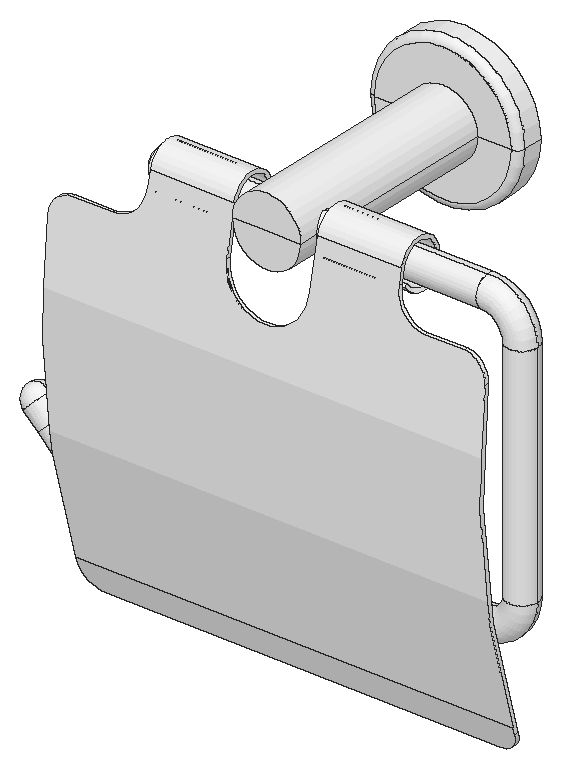
Revit family "Reece_Accessory_Mizu_Drift_Toilet Roll Holder_Loop_With Cover", category Plumbing Fixtures, Revit 2018
Family settings
  Round Connector Dimension = Use Diameter
  Part Type = Normal
  Work Plane-Based = Yes
  Always vertical = Yes
  Cut with Voids When Loaded = Yes
  Shared = Yes
  Room Calculation Point = Yes
Parameters (values of type "Chrome")
  URL = "https://www.reece.com.au/product/-2202094"
  Type Comments = "Accessory"
  Reece_Product_Web Page = "https://www.reece.com.au/product/-2202094"
  Reece_Product_Type = "Accessory"
  Reece_Product_Sub Brand = "Drift"
  Reece_Product_Number = "2202094"
  Reece_Product_Mount = "Wall Mounted"
  Reece_Product_Description = "Mizu Drift Loop Toilet Roll Holder with Cover Chrome"
  Reece_Product_Brand = "Mizu"
  Reece_Overall_Length = 135 mm
  Reece_Overall_Height = 102 mm  # constant formula
  Reece_Material_Main = Reece_Brass_Chrome
  Reece_Detail_Shape = "Loop"
  Reece_Detail_Installation = ""
  Reece_Detail_Disclaimer = "THIS FILE IS THE PROPERTY OF THE REECE GROUP. IT MAY NOT BE REPRODUCED, REVERSE-ENGINEERED OR MODIFIED. ANY REPUBLICATION, TRANSMISSION OR DISTRIBUTION FOR THE PURPOSE OF COMMERCIALLY EXPLOITING THE FILES IS PROHIBITED."  # constant formula
  Reece_Detail_Connector = ""
  Reece_Detail_Additional = "With Cover"
  Reece_Backplate Radius = 20 mm  # constant formula
  Reece_Accessory_Projection = 65 mm  # constant formula
  Model = "Drift"
  Manufacturer = "Mizu"
  Keynote = "Product #2202094, Reece_Accessory_Mizu_Drift_Toilet Roll Holder_Loop_With Cover - Chrome"
  Disclaimer = "THIS FILE IS THE PROPERTY OF THE REECE GROUP. IT MAY NOT BE REPRODUCED, REVERSE-ENGINEERED OR MODIFIED. ANY REPUBLICATION, TRANSMISSION OR DISTRIBUTION FOR THE PURPOSE OF COMMERCIALLY EXPLOITING THE FILES IS PROHIBITED."  # constant formula
  Description = "Toilet Roll Holder"
  Default Elevation = 1000 mm
Reference planes
  plane 1 "Center (Front/Back)": y = 0
  plane 2 "Bottom Host Plane": z = 0
  plane 3 "Center (Left/Right)": x = 0
  plane 4: z = -82
  plane 5: x = 63.991
  plane 6: x = -71.009
Forms (mm)
  Revolve 1, solid, material "Reece_Brass_Chrome" <- "Reece_Material_Main"
    sketch origin (-497.5, 0, 0) x (-1, 0, 0) y (0, -1, 0)
      loop
        line (-497.5, 0) -> (-477.5, 0) -> (-477.5, 5)
        arc (-477.5, 5) -> (-478.086, 6.414) -> (-479.5, 7) r 2
        line (-479.5, 7) -> (-488.5, 7) -> (-488.5, 65) -> (-497.5, 65) -> (-497.5, 0)
      axis (-497.5, 0) -> (-497.5, 65)
    angle from 0 to 360
  Sweep 2, solid, material "Reece_Brass_Chrome" <- "Reece_Material_Main"
    path origin (0, -56, 0) x (1, 0, 0) y (0, 0, 1)
      loop
        line (-27.121, 0) -> (51, 0)
        arc (51, 0) -> (57.364, -2.636) -> (60, -9) r 9
        line (60, -9) -> (60, -69)
        arc (60, -69) -> (57.364, -75.364) -> (51, -78) r 9
        line (51, -78) -> (-52, -78)
        arc (-52, -78) -> (-55.827, -77.239) -> (-59.071, -75.071) r 10
        line (-59.071, -75.071) -> (-63.057, -71.085)
    profile origin (11.94, -56, 0) x (0, 0, 1) y (0, -1, 0)
      loop
        circle (0, 0) r 4
  Revolve 3, solid, material "Reece_Brass_Chrome" <- "Reece_Material_Main"
    sketch origin (0, -56, 0) x (-1, 0, 0) y (0, 0, -1)
      loop
        arc (64.214, 64.271) -> (67.042, 63.1) -> (69.87, 64.272) r 4
        line (69.87, 64.272) -> (63.057, 71.085) -> (60.228, 68.257) -> (64.214, 64.271)
      axis (69.87, 64.272) -> (63.057, 71.085)
    angle from 0 to 360
  Revolve 4, solid, material "Reece_Brass_Chrome" <- "Reece_Material_Main"
    sketch origin (0, -56, 0) x (-1, 0, 0) y (0, 0, -1)
      loop
        line (35, -4) -> (36, -3) -> (36, 0) -> (27.121, 0) -> (27.121, -4) -> (35, -4)
      axis (36, 0) -> (27.121, 0)
    angle from 0 to 360
  Extrusion 5, solid, material "Reece_Brass_Chrome" <- "Reece_Material_Main"
    sketch origin (0, 0, 0) x (0, 1, 0) y (0, 0, 1)
      loop
        line (-55.912, -100.963) -> (-53.147, -108.557) -> (-52.207, -108.215) -> (-54.972, -100.621)
        arc (-54.972, -100.621) -> (-65.451, -50.098) -> (-61.082, 1.315) r 179
        arc (-61.082, 1.315) -> (-50.719, 1.125) -> (-60.251, -2.947) r 5.3
        line (-60.251, -2.947) -> (-61.068, -3.524)
        arc (-61.068, -3.524) -> (-49.738, 1.317) -> (-62.056, 1.543) r 6.3
        arc (-62.056, 1.543) -> (-66.449, -50.157) -> (-55.912, -100.963) r 180
    from -66.284 to 70.217
  Extrusion 6, void
    sketch origin (0, -65, 0) x (-1, 0, 0) y (0, 0, -1)
      loop
        arc (51.5, 10.203) -> (55.743, 11.96) -> (57.5, 16.203) r 6
        line (57.5, 16.203) -> (57.5, 102.757)
        arc (57.5, 102.757) -> (55.801, 106.858) -> (51.7, 108.557) r 5.8
        line (51.7, 108.557) -> (-51.7, 108.557)
        arc (-51.7, 108.557) -> (-55.801, 106.858) -> (-57.5, 102.757) r 5.8
        line (-57.5, 102.757) -> (-57.5, 16.203)
        arc (-57.5, 16.203) -> (-55.743, 11.96) -> (-51.5, 10.203) r 6
        line (-51.5, 10.203) -> (-41, 10.203)
        arc (-41, 10.203) -> (-35.343, 7.86) -> (-33, 2.203) r 8
        line (-33, 2.203) -> (-33, -20.993) -> (-11, -20.993) -> (-11, 10.648)
        arc (-11, 10.648) -> (0, 21.648) -> (11, 10.648) r 11
        line (11, 10.648) -> (11, -22.327) -> (33, -22.327) -> (33, 2.203)
        arc (33, 2.203) -> (35.343, 7.86) -> (41, 10.203) r 8
        line (41, 10.203) -> (51.5, 10.203)
      loop
        line (76.966, -27.899) -> (76.966, 117.697) -> (-79.098, 117.697) -> (-79.098, -27.899) -> (76.966, -27.899)
    from -33.915 to 250
Cuts and joins
  joined: Revolve 1, Sweep 2, Revolve 3, Revolve 4
  Extrusion 6 cuts Extrusion 5
Text (mm)
  text "Reece ©" at (2726.345, -2609.327, 2681.14), in view "Reece Preview"
  text "Reece ©" at (-126.38, 63.165, -1020.679), in view "Ref. Level"
Dimensions and locks
  "Reece_Backplate Radius": Revolve 1 sketch curve to Revolve 1 sketch curve
  Revolve 1 sketch curve to plane 1 "Center (Front/Back)" = 65 mm
  plane 4 to cut or joined group of Revolve 1, Sweep 2, Revolve 3, Revolve 4 = 102 mm
  "Reece_Accessory_Projection": cut or joined group of Revolve 1, Sweep 2, Revolve 3, Revolve 4 to plane 1 "Center (Front/Back)"
  "Reece_Overall_Length": plane 6 to plane 5
  plane 6 to plane 5 = 135 mm
  aligned and locked: Revolve 1 sketch curve to Revolve 1 sketch curve
Automatic sketch dimensions
  Sweep 2 sketch curve to level = 0 mm
  plane 4 to Sweep 2 sketch curve = 6.929 mm
  Sweep 2 sketch curve to Sweep 2 sketch curve = 7.071 mm
  plane 5 to Sweep 2 sketch curve = 12.991 mm  (x2)
  plane 5 to Sweep 2 sketch curve = 3.991 mm
  plane 4 to Sweep 2 sketch curve = 4 mm
  Sweep 2 sketch curve to Sweep 2 sketch curve = 0 mm
  Sweep 2 sketch curve to Sweep 2 sketch curve = 3.986 mm  (x2)
  Sweep 2 sketch curve to plane 3 "Center (Left/Right)" = 27.121 mm
  profile plane to Sweep 2 sketch curve = 0 mm
  Sweep 2 sketch curve to profile plane = 0 mm
  Revolve 3 sketch curve to Revolve 3 sketch curve = 2.828 mm  (x3)
  Revolve 3 sketch curve to Revolve 3 sketch curve = 3.986 mm
  plane 4 to Revolve 3 sketch curve = 17.729 mm
  plane 4 to Revolve 3 sketch curve = 9.375 mm
  Revolve 3 sketch curve to Revolve 3 sketch curve = 1.54 mm
  Revolve 3 sketch curve to Revolve 3 sketch curve = 1.989 mm
  Revolve 3 sketch curve to Revolve 3 sketch curve = 1.99 mm
  Revolve 4 sketch curve to level = 0 mm  (x2)
  Revolve 4 sketch curve to plane 3 "Center (Left/Right)" = 27.121 mm
  level to Revolve 4 sketch curve = 4 mm
  Revolve 4 sketch curve to Revolve 4 sketch curve = 7.879 mm
  Revolve 4 sketch curve to Revolve 4 sketch curve = 1 mm  (x3)
  Revolve 4 sketch curve to Revolve 4 sketch curve = 0 mm
  plane 6 to Sweep 2 sketch curve = 19.009 mm
  plane 6 to Revolve 3 sketch curve = 10.78 mm
  Extrusion 5 sketch curve to Extrusion 5 sketch curve = 0 mm  (x4)
  Extrusion 5 sketch curve to level = 3.524 mm
  plane 1 "Center (Front/Back)" to Extrusion 5 sketch curve = 61.068 mm
  Extrusion 5 sketch curve to level = 2.947 mm
  Extrusion 5 sketch curve to Extrusion 5 sketch curve = 0.817 mm
  level to Extrusion 5 sketch curve = 0.11 mm
  Extrusion 5 sketch curve to Extrusion 5 sketch curve = 4.33 mm
  plane 1 "Center (Front/Back)" to Extrusion 5 sketch curve = 55.912 mm
  Extrusion 5 sketch curve to plane 4 = 18.621 mm
  Extrusion 5 sketch curve to Extrusion 5 sketch curve = 0.94 mm  (x2)
  Extrusion 5 sketch curve to level = 39.387 mm
  Extrusion 5 sketch curve to Extrusion 5 sketch curve = 2.765 mm
  Extrusion 5 sketch curve to Extrusion 5 sketch curve = 0.342 mm
  Revolve 1 to Extrusion 6 sketch curve = 27.899 mm
  Extrusion 6 sketch curve to Extrusion 6 sketch curve = 21.598 mm
  Extrusion 6 sketch curve to Extrusion 6 sketch curve = 5.8 mm
  Extrusion 6 sketch curve to Extrusion 6 sketch curve = 10.5 mm  (x2)
  Extrusion 6 sketch curve to Revolve 1 = 2.203 mm  (x2)
  Extrusion 6 sketch curve to Extrusion 6 sketch curve = 8 mm  (x2)
  Extrusion 6 sketch curve to Extrusion 6 sketch curve = 22 mm  (x2)
  Extrusion 6 sketch curve to Extrusion 6 sketch curve = 11 mm
  Extrusion 6 sketch curve to Extrusion 6 sketch curve = 0.2 mm
  Extrusion 6 sketch curve to Extrusion 6 sketch curve = 6 mm  (x2)
  Extrusion 6 sketch curve to Extrusion 6 sketch curve = 19.466 mm
  Revolve 1 to Extrusion 6 sketch curve = 22.327 mm
  Revolve 1 to Extrusion 6 sketch curve = 20.993 mm
  Extrusion 6 sketch curve to Revolve 1 = 10.648 mm
  Extrusion 6 sketch curve to Extrusion 6 sketch curve = 86.554 mm
  Extrusion 6 sketch curve to Revolve 1 = 117.697 mm
  plane 1 "Center (Front/Back)" to Revolve 1 sketch curve = 0 mm  (x2)
  Revolve 1 sketch curve to plane 3 "Center (Left/Right)" = 0 mm
  Revolve 1 sketch curve to plane 3 "Center (Left/Right)" = 9 mm
  Revolve 1 sketch curve to Revolve 1 sketch curve = 2 mm
  Revolve 1 sketch curve to Revolve 1 sketch curve = 5 mm
  Revolve 1 sketch curve to Revolve 1 sketch curve = 87 mm
  radius of Sweep 2 sketch curve = 4 mm
